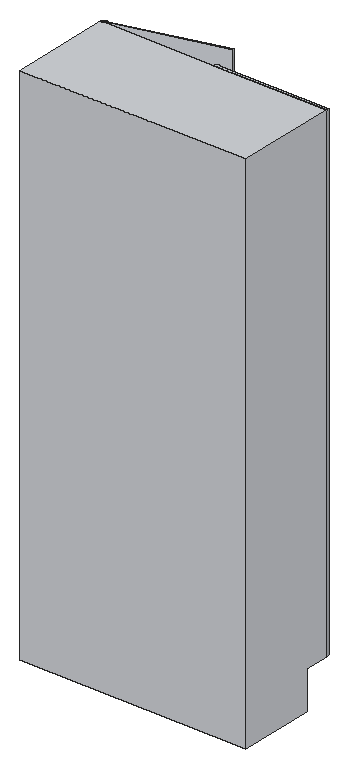
Revit family
Parameters
  Opening angle = 15.00°
  Handel = none
  Frond panel = none
  Door width = 450 mm
  Depth = 400 mm
  Height = 2100 mm
  Width = 900 mm
  Casework = none
Reference planes
  plane 1 "Back": y = 0
  plane 2: z = 0
  plane 3 "Center (Left/Right)": x = 44.7
  plane 4 "Front": y = -400
  plane 5 "Left": x = -405.3
  plane 6 "Right": x = 494.7
Forms (mm)
  Extrusion 1, solid, material <- "Casework"
    sketch origin (0, 0, 0) x (1, 0, 0) y (0, 1, 0)
      loop
        line (-405.3, -400) -> (494.7, -400) -> (494.7, -100) -> (-405.3, -100) -> (-405.3, -400)
    from 0 to 150
  Extrusion 2, solid, material <- "Casework"
    sketch origin (0, 0, 0) x (1, 0, 0) y (0, 1, 0)
      loop
        line (-405.3, 0) -> (-405.3, -400) -> (494.7, -400) -> (494.7, 0) -> (-405.3, 0)
    from 150 to 2100
  Extrusion 3, void
    sketch origin (0, -400, 0) x (1, 0, 0) y (0, 0, 1)
      loop
        line (479.7, 2085) -> (-390.3, 2085) -> (-390.3, 1640) -> (479.7, 1640) -> (479.7, 2085)
      loop
        line (479.7, 165) -> (479.7, 1625) -> (52.2, 1625) -> (52.2, 165) -> (479.7, 165)
      loop
        line (-390.3, 165) -> (37.2, 165) -> (37.2, 650) -> (-390.3, 650) -> (-390.3, 165)
      loop
        line (-390.3, 1625) -> (-390.3, 1305) -> (37.2, 1305) -> (37.2, 1625) -> (-390.3, 1625)
      loop
        line (37.2, 1290) -> (-390.3, 1290) -> (-390.3, 985) -> (37.2, 985) -> (37.2, 1290)
      loop
        line (37.2, 970) -> (-390.3, 970) -> (-390.3, 665) -> (37.2, 665) -> (37.2, 970)
    from -15.444 to -600
  Extrusion 4, solid, material <- "Frond panel"
    sketch origin (0, 0, 0) x (1, 0, 0) y (0, 0, 1)
      loop
        line (494.7, 2100) -> (44.7, 2100) -> (44.7, 150) -> (494.7, 150) -> (494.7, 2100)
    from 0 to -19.983
  Sweep 5, void
    path origin (0, 0, 0) x (1, 0, 0) y (0, 0, 1)
      loop
        line (494.7, 2100) -> (44.7, 2100) -> (44.7, 150) -> (494.7, 150) -> (494.7, 2100)
    profile origin (269.7, 0, 2100) x (0, 0, -1) y (0, -1, 0)
      loop
        line (0, 0) -> (0, -19.983) -> (19.983, -19.983)
        spline (19.983, -19.983) -> (16.791, -19.844) -> (13.877, -19.428) -> (11.241, -18.734) -> (8.881, -17.763) -> (6.8, -16.514) -> (4.996, -14.987) -> (3.469, -13.183) -> (2.22, -11.102) -> (1.249, -8.743) -> (0.555, -6.106) -> (0.139, -3.192) -> (0, 0)
  Extrusion 6, solid, material <- "Frond panel"
    sketch origin (0, 0, 0) x (1, 0, 0) y (0, 1, 0)
      loop
        line (-405.3, 0) -> (29.367, 116.469) -> (24.191, 135.787) -> (-410.476, 19.319) -> (-405.3, 0)
    from 150 to 2100
  Sweep 7, void
    path in 3D
      loop
        line (-405.3, 0, 150) -> (-405.3, 0, 2100) -> (29.367, 116.469, 2100) -> (29.367, 116.469, 150) -> (-405.3, 0, 150)
    profile origin (-187.966, 58.234, 150) x (-0.258819, 0.965926, 0) y (0, 0, -1)
      loop
        spline (0, 0) -> (3.194, -0.139) -> (6.111, -0.556) -> (8.75, -1.25) -> (11.111, -2.222) -> (13.194, -3.472) -> (15, -5) -> (16.528, -6.806) -> (17.778, -8.889) -> (18.75, -11.25) -> (19.444, -13.889) -> (19.861, -16.806) -> (20, -20)
        line (20, -20) -> (20, 0) -> (0, 0)
Cuts and joins
  Extrusion 3, Sweep 5, Sweep 7 cuts Extrusion 1
  Extrusion 3, Sweep 5, Sweep 7 cuts Extrusion 2
  joined: Extrusion 1, Extrusion 2
  Sweep 5 cuts Extrusion 4
  Sweep 7 cuts Extrusion 6
Lines and regions (mm)
  reference lines
    curve 1: line (-405.3, 0, 0) -> (1623.145, 543.52, 0)
  sketch lines
    curve 2: line (29.367, 116.469, 150) -> (-405.3, 0, 150)
    curve 3: line (29.367, 116.469, 2100) -> (29.367, 116.469, 150)
    curve 4: line (-405.3, 0, 2100) -> (-405.3, 0, 150)
    curve 5: line (-405.3, 0, 2100) -> (29.367, 116.469, 2100)
Dimensions and locks
  "Width": plane 6 "Right" to plane 5 "Left"
  equal spacing: plane 6 "Right", plane 3 "Center (Left/Right)", plane 5 "Left"
  "Depth": plane 4 "Front" to plane 1 "Back"
  locked: Extrusion 1 sketch curve to plane 1 "Back" at 100
  locked: cut or joined group of Extrusion 1, Extrusion 2, Extrusion 3, Sweep 5, Sweep 7 to cut or joined group of Extrusion 1, Extrusion 2, Extrusion 3, Sweep 5, Sweep 7 at 15.444
  locked: Extrusion 6 sketch curve to Extrusion 6 sketch curve at 20
  "Door width": Extrusion 6 sketch curve to Extrusion 6 sketch curve
  "Opening angle": angle plane 1 "Back" to curve 1
  "Opening angle": angle cut or joined group of Extrusion 1, Extrusion 2, Extrusion 3, Sweep 5, Sweep 7 to nested 2
  aligned and locked: plane 5 "Left" to Extrusion 1 sketch curve
  aligned and locked: plane 4 "Front" to Extrusion 1 sketch curve
  aligned and locked: plane 6 "Right" to Extrusion 1 sketch curve
  aligned and locked: plane 5 "Left" to Extrusion 2 sketch curve
  aligned and locked: plane 1 "Back" to Extrusion 2 sketch curve
  aligned and locked: Extrusion 1 to Extrusion 2 sketch curve
  aligned and locked: Extrusion 2 sketch curve to Extrusion 1
  aligned and locked: Extrusion 2 to Extrusion 1
  aligned and locked: cut or joined group of Extrusion 1, Extrusion 2, Extrusion 3, Sweep 5, Sweep 7 to Extrusion 4 sketch curve  (x2)
  aligned and locked: Extrusion 4 sketch curve to cut or joined group of Extrusion 1, Extrusion 2, Extrusion 3, Sweep 5, Sweep 7
  aligned and locked: cut or joined group of Extrusion 1, Extrusion 2, Extrusion 3, Sweep 5, Sweep 7 to Sweep 5 sketch curve
  aligned and locked: Sweep 5 sketch curve to cut or joined group of Extrusion 1, Extrusion 2, Extrusion 3, Sweep 5, Sweep 7
  aligned and locked: Extrusion 4 to Sweep 5 sketch curve
  aligned and locked: Sweep 5 sketch curve to Extrusion 4
  aligned and locked: Extrusion 4 to Sweep 5
  aligned and locked: Extrusion 6 sketch curve to curve 1
  aligned and locked: Extrusion 6 to cut or joined group of Extrusion 1, Extrusion 2, Extrusion 3, Sweep 5, Sweep 7
  aligned and locked: cut or joined group of Extrusion 6, Sweep 7 to nested 2
Automatic sketch dimensions
  plane 5 "Left" to Extrusion 3 sketch curve = 15 mm  (x5)
  Extrusion 3 sketch curve to plane 3 "Center (Left/Right)" = 7.5 mm  (x4)
  plane 3 "Center (Left/Right)" to Extrusion 3 sketch curve = 7.5 mm
  Extrusion 3 sketch curve to plane 6 "Right" = 15 mm  (x2)
  level to Extrusion 3 sketch curve = 165 mm
  Extrusion 3 sketch curve to Extrusion 3 sketch curve = 0 mm  (x2)
  Extrusion 3 sketch curve to Extrusion 3 sketch curve = 485 mm
  Extrusion 3 sketch curve to Extrusion 3 sketch curve = 15 mm  (x4)
  Extrusion 3 sketch curve to Extrusion 3 sketch curve = 305 mm  (x2)
  Extrusion 3 sketch curve to Extrusion 3 sketch curve = 320 mm
  Extrusion 3 sketch curve to Extrusion 3 sketch curve = 445 mm
  Extrusion 4 sketch curve to plane 3 "Center (Left/Right)" = 0 mm
  Sweep 5 sketch curve to profile plane = 0 mm
  Sweep 5 sketch curve to plane 1 "Back" = 0 mm
  Sweep 5 sketch curve to profile plane = 19.983 mm
  Sweep 5 sketch curve to plane 1 "Back" = 19.983 mm
  plane 1 "Back" to curve 1 = 0 mm
  curve 1 to plane 5 "Left" = 0 mm
  plane 1 "Back" to Extrusion 6 sketch curve = 0 mm
  Sweep 7 sketch curve to profile plane = 0 mm
  profile plane to Sweep 7 sketch curve = 0 mm
  Sweep 7 sketch curve to profile plane = 20 mm  (x2)
Nested families
  nested 1: "Greb" at (-5.3, 0, 0), type "Greb"
  nested 2: "Greb" at (83.646, 130.845, 0) x (-0.9659, -0.2588, 0) z (0, 0, 1), type "Greb"
Definition of nested family "Greb"
  Parameters (values of type "Greb")
    Handel = none
  Reference planes
    plane 1 "Center (Front/Back)": y = 0
    plane 2: z = 0
    plane 3 "Center (Left/Right)": x = 0
  Forms (mm)
    Sweep 1, solid, material <- "Handel"
      path origin (44.616, -87.6, 146.368) x (0, 1, 0) y (0, 0, -1)
        loop
          spline (118.283, -711.011) -> (125.881, -734.683) -> (132.097, -758.067) -> (136.931, -781.161) -> (140.385, -803.967) -> (142.457, -826.483) -> (143.147, -848.711) -> (142.457, -870.65) -> (140.385, -892.3) -> (136.931, -913.661) -> (132.097, -934.733) -> (125.881, -955.516) -> (118.283, -976.011)
      profile origin (44.616, 55.547, 995.079) x (0, 1, 0) y (-1, 0, 0)
        loop
          circle (0, -50.954) r 5
    Extrusion 2, solid, material <- "Handel"
      sketch origin (-0.085, 0.179, 0) x (1, 0, 0) y (0, 0, 1)
        loop
          circle (95.813, 1062.283) r 4
        loop
          circle (95.813, 907.283) r 4
      from -43.982 to -19.983
